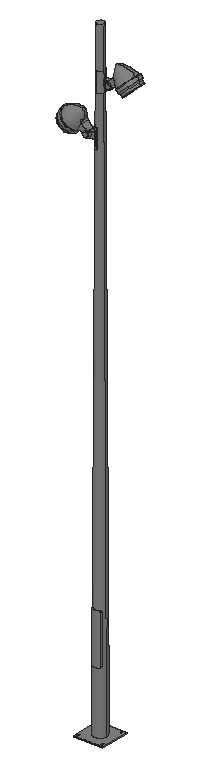
Revit family "Фобос 05_v1", category Осветительные приборы, Revit 2019 (continued)
Definition of nested family "Фобос светильничек_крупный_344"
  Automatic sketch dimensions
    Revolve 12 sketch curve to Revolve 12 sketch curve = 9.184 mm
    Revolve 12 sketch curve to Revolve 12 sketch curve = 5.415 mm
    Revolve 12 sketch curve to Revolve 12 sketch curve = 30.047 mm
    Revolve 12 sketch curve to Revolve 12 sketch curve = 240.118 mm
    Revolve 12 sketch curve to Revolve 12 sketch curve = 13.118 mm
    Revolve 12 sketch curve to Revolve 12 sketch curve = 21.039 mm
    Revolve 12 sketch curve to Revolve 12 sketch curve = 13.116 mm
    Revolve 12 sketch curve to Revolve 12 sketch curve = 10.657 mm
    Revolve 12 sketch curve to Revolve 12 sketch curve = 15.009 mm
    Revolve 12 sketch curve to Revolve 12 sketch curve = 40.987 mm
    Extrusion 6 sketch curve to Extrusion 6 sketch curve = 6.771 mm
    Extrusion 6 sketch curve to Extrusion 6 sketch curve = 8.63 mm
    Extrusion 6 sketch curve to Extrusion 6 sketch curve = 0 mm  (x2)
    Extrusion 6 sketch curve to Extrusion 6 sketch curve = 1.182 mm
    Extrusion 6 sketch curve to Extrusion 6 sketch curve = 10.499 mm
    Extrusion 6 sketch curve to Extrusion 6 sketch curve = 32.434 mm
    Extrusion 6 sketch curve to Extrusion 6 sketch curve = 50.021 mm
    Extrusion 6 sketch curve to Extrusion 6 sketch curve = 11.499 mm
    Extrusion 6 sketch curve to Extrusion 6 sketch curve = 16.293 mm
    Extrusion 6 sketch curve to Extrusion 6 sketch curve = 5.824 mm
    Extrusion 6 sketch curve to Extrusion 6 sketch curve = 1.639 mm
    Extrusion 6 sketch curve to Extrusion 6 sketch curve = 1.148 mm
    Extrusion 6 sketch curve to Extrusion 6 sketch curve = 10.659 mm
    Extrusion 6 sketch curve to Extrusion 6 sketch curve = 4.902 mm
    Extrusion 6 sketch curve to Extrusion 6 sketch curve = 10.992 mm
    Extrusion 6 sketch curve to Extrusion 6 sketch curve = 9.649 mm
    Extrusion 6 sketch curve to Extrusion 6 sketch curve = 21.732 mm
    Extrusion 6 sketch curve to Extrusion 6 sketch curve = 1.271 mm
    Extrusion 6 sketch curve to Extrusion 6 sketch curve = 22.212 mm
    Extrusion 6 sketch curve to Extrusion 6 sketch curve = 3.89 mm
    Extrusion 6 sketch curve to Extrusion 6 sketch curve = 45.735 mm
    Extrusion 11 sketch curve to Extrusion 11 sketch curve = 6.771 mm
    Extrusion 11 sketch curve to Extrusion 11 sketch curve = 8.63 mm
    Extrusion 11 sketch curve to Extrusion 11 sketch curve = 0 mm  (x2)
    Extrusion 11 sketch curve to Extrusion 11 sketch curve = 1.182 mm
    Extrusion 11 sketch curve to Extrusion 11 sketch curve = 10.499 mm
    Extrusion 11 sketch curve to Extrusion 11 sketch curve = 32.434 mm
    Extrusion 11 sketch curve to Extrusion 11 sketch curve = 50.021 mm
    Extrusion 11 sketch curve to Extrusion 11 sketch curve = 11.499 mm
    Extrusion 11 sketch curve to Extrusion 11 sketch curve = 16.293 mm
    Extrusion 11 sketch curve to Extrusion 11 sketch curve = 5.824 mm
    Extrusion 11 sketch curve to Extrusion 11 sketch curve = 1.639 mm
    Extrusion 11 sketch curve to Extrusion 11 sketch curve = 1.148 mm
    Extrusion 11 sketch curve to Extrusion 11 sketch curve = 10.659 mm
    Extrusion 11 sketch curve to Extrusion 11 sketch curve = 4.902 mm
    Extrusion 11 sketch curve to Extrusion 11 sketch curve = 10.992 mm
    Extrusion 11 sketch curve to Extrusion 11 sketch curve = 9.649 mm
    Extrusion 11 sketch curve to Extrusion 11 sketch curve = 21.732 mm
    Extrusion 11 sketch curve to Extrusion 11 sketch curve = 1.271 mm
    Extrusion 11 sketch curve to Extrusion 11 sketch curve = 22.212 mm
    Extrusion 11 sketch curve to Extrusion 11 sketch curve = 3.89 mm
    Extrusion 11 sketch curve to Extrusion 11 sketch curve = 45.735 mm
    Extrusion 4 sketch curve to Extrusion 4 sketch curve = 0 mm
    Extrusion 4 sketch curve to Extrusion 4 sketch curve = 2 mm
    radius of Extrusion 1 sketch curve = 19.985 mm
    radius of Extrusion 2 sketch curve = 19.985 mm
    radius of Extrusion 8 sketch curve = 19.985 mm
    radius of Extrusion 9 sketch curve = 19.985 mm
Definition of nested family "УГО план"
  Parameters (values of type "УГО план")
    Default Elevation = 1219.2 mm
    r_УГО = 250 mm
    l_Отступ линий = r_УГО * 0.52  # 130 mm
    d_УГО = r_УГО * 2  # 500 mm
  Reference planes
    plane 1 "По центру (Вперед/Назад)": y = 0
    plane 2: z = 0
    plane 3 "По центру (Влево/Вправо)": x = 0
    plane 4: y = 250
    plane 5: y = -250
    plane 6: x = -250
    plane 7: x = 250
    plane 8: x = -120
    plane 9: x = 120
  Lines and regions (mm)
    symbolic lines
      curve 1: circle (0, 0, 0) r 250 normal (0, 0, 1)
      curve 2: line (-120, 219.317, 0) -> (-120, -219.317, 0)
      curve 3: line (120, 219.317, 0) -> (120, -219.317, 0)
  Dimensions and locks
    equal spacing: plane 4, plane 1 "По центру (Вперед/Назад)", plane 5
    "d_УГО": plane 4 to plane 5
    equal spacing: plane 6, plane 3 "По центру (Влево/Вправо)", plane 7
    "d_УГО": plane 6 to plane 7
    "l_Отступ линий": plane 6 to plane 8
    "l_Отступ линий": plane 9 to plane 7
    "r_УГО": radius of curve 1
    aligned and locked: level to plane 2
    aligned and locked: plane 3 "По центру (Влево/Вправо)" to curve 1
    aligned and locked: plane 1 "По центру (Вперед/Назад)" to curve 1
    aligned and locked: curve 2 to plane 8
    aligned and locked: curve 3 to plane 9
Types (6, lengths in mm): name | Файл фотометрической сетки | built-in parameter 1150105 | Lumens | built-in parameter 1150106 | Wattage | S2_фланец | S1_фланец | D_фланец_отверстия | ADSK_Фактическая мощность | ADSK_Размер_Высота | ADSK_Номинальная мощность | ADSK_Наименование | ADSK_Масса_Текст | ADSK_Масса | ADSK_Артикул | 5 | 4 | 3 | 2 | 1
  (no name) | "Spot-05-AF 36W 60°.ies" | 3273.9 (stored number, unit not read) | 7920 lm | 32.739 (stored number, unit not read) | 53.3183 W | 190 | 230 | 18 | 72 W | 5000 | 72 W | "ДТУ138с29 Светодиодный светильник Фобос 05 ДТУ-138-AF-72Вт-5.0-2-Spot-05-36Вт" | "45" | 45 | "ДТУ138с29" | no | no | no | yes | no
  ДТУ138с14 Светодиодный светильник Фобос 05 ДТУ-138-AF-24Вт-4,0-1-Spot-05-24Вт | "Spot-05-AF 24W 60°.ies" | 210.08 (stored number, unit not read) | 2640 lm | 2.1008 (stored number, unit not read) | 17.7728 W | 190 | 230 | 18 | 48 W | 4000 | 24 W | "ДТУ138с14 Светодиодный светильник Фобос 05 ДТУ-138-AF-24Вт-4.0-1-Spot-05-24Вт" | "31" | 31 | "ДТУ138с14" | no | no | no | no | yes
  ДТУ138с29 Светодиодный светильник Фобос 05 ДТУ-138-AF-72Вт-5,0-2-Spot-05-36Вт | "Spot-05-AF 36W 60°.ies" | 3273.9 (stored number, unit not read) | 7920 lm | 32.739 (stored number, unit not read) | 53.3183 W | 190 | 230 | 18 | 72 W | 5000 | 72 W | "ДТУ138с29 Светодиодный светильник Фобос 05 ДТУ-138-AF-72Вт-5.0-2-Spot-05-36Вт" | "45" | 45 | "ДТУ138с29" | no | no | no | yes | no
  ДТУ138с18 Светодиодный светильник Фобос 05 ДТУ-138-AF-72Вт-5,0-3-Spot-05-24Вт | "Spot-05-AF 24W 60°.ies" | 2182.6 (stored number, unit not read) | 7920 lm | 21.826 (stored number, unit not read) | 53.3183 W | 190 | 230 | 18 | 72 W | 5000 | 72 W | "ДТУ138с18 Светодиодный светильник Фобос 05 ДТУ-138-AF-72Вт-5.0-3-Spot-05-24Вт" | "50" | 50 | "ДТУ138с18" | no | no | yes | no | no
  ДТУ138с131 Светодиодный светильник Фобос 05 ДТУ-138-AF-216Вт-6,0-4-Spot-05-54Вт | "Spot-05-AF 54W 60°.ies" | 9821.7 (stored number, unit not read) | 23760 lm | 98.217 (stored number, unit not read) | 159.955 W | 200 | 280 | 22 | 216 W | 6000 | 216 W | "ДТУ138с131 Светодиодный светильник Фобос 05 ДТУ-138-AF-216Вт-6.0-4-Spot-05-54Вт" | "62" | 62 | "ДТУ138с131" | no | yes | no | no | no
  ДТУ138с113 Светодиодный светильник Фобос 05 ДТУ-138-AF-360Вт-6,0-5-Spot-05-72Вт | "Spot-05-AF 72W 60°.ies" | 7275.3 (stored number, unit not read) | 39600 lm | 72.753 (stored number, unit not read) | 266.591 W | 200 | 280 | 22 | 360 W | 6000 | 360 W | "ДТУ138с113 Светодиодный светильник Фобос 05 ДТУ-138-AF-360Вт-6.0-5-Spot-05-72Вт" | "67" | 67 | "ДТУ138с113" | yes | no | no | no | no
